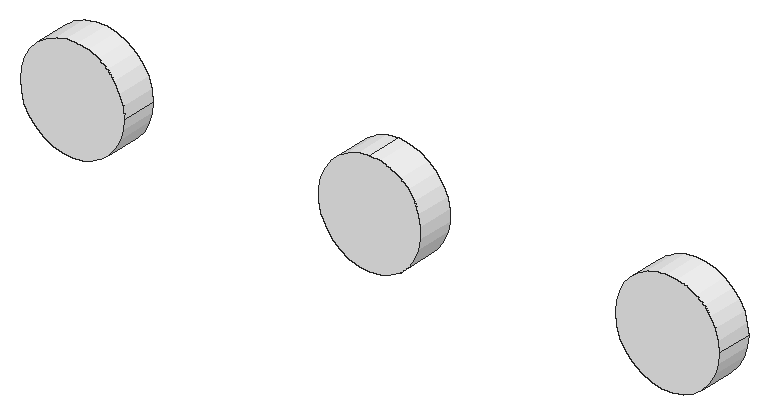
Revit family "Deca_Bidê com 3 furos_Living_B.34", category Plumbing Fixtures, host Face, Revit 2019
Family settings
  Host = Face
  Round Connector Dimension = Use Diameter
  Part Type = Normal
  Cut with Voids When Loaded = No
  Shared = No
  Room Calculation Point = No
Parameters (values of type "B.34.17_Branco")
  Vazão na Pressão mín. (L/min) = "-"
  Vazão na Pressão máx. (L/min) = "-"
  URL = "www.deca.com.br"
  Tipo de rosca de saída = "-"
  Tipo de rosca de entrada = "-"
  Tipo de mecanismo utilizado = "-"
  Tipo de dispositivo economizador = "-"
  Segmento = "Banheiro Médio"
  Saída de Esgoto = "Saída de Esgoto Vertical"
  Raio Água Quente = 7.50 mm
  Raio Água Fria = 7.50 mm
  Raio Ponto de Esgoto = 20.00 mm
  Pressão mín. funcionamento = "-"
  Pressão mín. Aquec. Passagem = "-"
  Pressão mín. Aquec. Acúmulo = "-"
  Pressão máx. funcionamento = "-"
  Peso Líquido (Kg) = 28.638
  Norma = "NBR-16728-1;NBR-16728-2"
  Model = "B.34.17"
  Material = Deca_Branco
  Manufacturer = "Deca"
  Linha = "Deca Living"
  Itens de Instalação = "1895.C14; 1895.C26; 1895.C33; 1895.C34; 1895.C35; 1895.C37; 1895.C38; 1895.C40.CR; 1895.C43; 1895.C50; 1895.C52; 1895.C64; 1895.C81; 1895.C84; 1895.C86; 1895.C87; 1895.C90; 1895.C94; SP.121.01"
  Informações Complementares = "-"
  Diâmetro Água Quente = 2 * Raio Água Quente  # 15.00 mm
  Diâmetro Água Fria = 2 * Raio Água Fria  # 15.00 mm
  Diâmetro Ponto de Esgoto = 2 * Raio Ponto de Esgoto  # 40.00 mm
  Description = "Bidê com 3 furos"
  Default Elevation = 0.00 mm
  Código Pai = "B.34"
  Criado por = "quattroD"
  Cores Componente = "Não Possui"
  Cor Secundária = "-"
  Cor Principal = "Branco"
  Cor Interna = "-"
  Consumo = "-"
  Composição Componente = "Não Possui"
  Composição Básica = "Argila, feldspato, caulim, vidrados e corantes inorgânicos."
  Composição Assento = "-"
  Composição Anel Vedação = "-"
  Categoria = "BACIAS E BIDES"
  Atendimento ao Cliente = "0800-0117073"
  Aprovado por = "quattroD"
  Acompanha o Produto = "-"
Types (2, lengths in mm): name | Model | Material | Cor Principal
  B.34.17_Branco | "B.34.17" | Deca_Branco | "Branco"
  B.34.95_Ébano | "B.34.95" | Deca_Ébano | "Ébano"
Reference planes
  plane 1 "Center (Front/Back)": y = 0
  plane 2: z = 0
  plane 3 "Center (Left/Right)": x = 0
  plane 4: y = 250
  plane 5: z = 330
Forms (mm)
  Extrusion 1, solid, material "Deca_Branco" <- "Material", not visible
    sketch origin (0, 0, 0) x (1, 0, 0) y (0, 1, 0)
      loop
        circle (-55, 250) r 7.95
      loop
        circle (55, 250) r 7.95
    from 0 to 1.105
  Extrusion 2, solid, material "Deca_Branco" <- "Material", not visible
    sketch origin (0, 0, 29.063) x (1, 0, 0) y (0, 0, 1)
      loop
        circle (0, 300) r 5
    from 0 to 0.881
  Extrusion 3, solid, material "Deca_Branco" <- "Material"
    sketch origin (0, 0, 0) x (1, 0, 0) y (0, 0, 1)
      loop
        circle (99.7, 164.307) r 17.5
      loop
        arc (0, 147.503) -> (17.2, 165) -> (0, 182.497) r 17.5
        arc (0, 182.497) -> (-17.2, 165) -> (0, 147.503) r 17.5
      loop
        circle (-99.7, 164.307) r 17.5
    from -400 to -388.108
Lines and regions (mm)
  Masking region 1
    outline origin (0, 0, 0) x (1, 0, 0) y (0, 1, 0)
      loop
        line (184.2, 400) -> (-184.2, 400) -> (-124.759, 200.197) -> (-127.571, 0) -> (127.572, 0) -> (124.759, 200.197) -> (184.2, 400)
  Masking region 2
    outline origin (0, 0, 0) x (1, 0, 0) y (0, 0, 1)
      loop
        line (-182.5, 572.004) -> (-182.5, 90) -> (182.5, 90) -> (182.5, 572.097)
        arc (182.5, 572.097) -> (162.264, 620.95) -> (113.411, 641.186) r 69.089
        arc (113.411, 641.186) -> (0, 645.006) -> (-113.411, 641.186) r 1685.245
        arc (-113.411, 641.186) -> (-162.297, 620.917) -> (-182.5, 572.004) r 69.089
  Masking region 3
    outline origin (0, 0, 0) x (0, 1, 0) y (0, 0, 1)
      loop
        line (399.96, 647.711) -> (213.384, 516.175)
        arc (213.384, 516.175) -> (202.269, 510.287) -> (190.032, 507.38) r 49.672
        line (190.032, 507.38) -> (-0.04, 510.698) -> (-0.04, 92.926) -> (399.96, 92.926) -> (399.96, 647.711)
  symbolic lines
    curve 1: line (-129.64, 216.605, 0) -> (129.64, 216.605, 0)
    curve 2: circle (99.7, 0, 164.307) r 17.5 normal (0, -1, 0)
    curve 3: arc (0, 0, 147.503) -> (17.2, 0, 165) -> (0, 0, 182.497) r 17.5
    curve 4: arc (0, 0, 182.497) -> (-17.2, 0, 165) -> (0, 0, 147.503) r 17.5
    curve 5: circle (-99.7, 0, 164.307) r 17.5 normal (0, -1, 0)
    curve 6: circle (0.731, 0, 328.962) r 22.982 normal (0, -1, 0)
    curve 7: circle (1.471, 0, 328.592) r 35 normal (0, -1, 0)
    curve 8: circle (0.361, 0, 445.554) r 14.059 normal (0, -1, 0)
    curve 9: arc (87.191, 0, 533.719) -> (0, 0, 541.483) -> (-87.191, 0, 533.719) r 493.447
    curve 10: line (120.428, 0, 443.942) -> (120.428, 0, 298.694)
    curve 11: line (-120.428, 0, 443.942) -> (-120.428, 0, 298.694)
    curve 12: arc (120.428, 0, 298.694) -> (112.561, 0, 279.702) -> (93.569, 0, 271.836) r 26.859
    curve 13: arc (-120.428, 0, 298.694) -> (-115.259, 0, 282.3) -> (-101.621, 0, 271.836) r 28.582
    curve 14: arc (93.569, 0, 271.836) -> (-4.026, 0, 265.301) -> (-101.621, 0, 271.836) r 732.107
    curve 15: arc (131.107, 0, 567.71) -> (125.171, 0, 585.537) -> (107.911, 0, 592.964) r 22.962
    curve 16: arc (-107.911, 0, 592.964) -> (-124.509, 0, 584.929) -> (-131.107, 0, 567.71) r 25.045
    curve 17: arc (131.356, 0, 287.991) -> (121.887, 0, 261.138) -> (96.695, 0, 247.866) r 39.024
    curve 18: arc (-105.674, 0, 250.271) -> (-122.534, 0, 262.451) -> (-130.417, 0, 281.7) r 37.864
    curve 19: line (131.356, 0, 287.991) -> (131.356, 0, 567.714)
    curve 20: line (107.911, 0, 592.964) -> (-107.911, 0, 592.964)
    curve 21: line (-131.107, 0, 567.71) -> (-130.417, 0, 281.7)
    curve 22: arc (96.695, 0, 247.866) -> (-4.564, 0, 242.821) -> (-105.674, 0, 250.271) r 822.595
    curve 23: line (0, 213.384, 516.175) -> (0, 213.384, 92.926)
  model lines
    curve 24: line (99.7, 400, 146.807) -> (99.7, 400, 181.807)
    curve 25: line (117.2, 400, 164.307) -> (82.2, 400, 164.307)
    curve 26: line (0, 400, 147.503) -> (0, 400, 182.497)
    curve 27: line (17.2, 400, 165) -> (-17.2, 400, 165)
    curve 28: line (-99.7, 400, 181.807) -> (-99.7, 400, 146.807)
    curve 29: line (-82.2, 400, 164.307) -> (-117.2, 400, 164.307)
Dimensions and locks
  aligned and locked: plane 2 to host face
  aligned and locked: level to host face
Connectors
  piping at (-55, 250, 1.105), diameter 15, driven by "Diâmetro Água Quente"
    settings: on Extrusion 1, index 1, connector inside diameter 609.6 mm, connector length 0.00 mm, flow factor 0, pipe flow 0.0 L/s, pressure drop 0.0 Pa, fitting loss kfactor 0, connector angle 0.00°, fixture units 0, engagement length 0.00 mm, angle of deflection 0.00°, flow configuration 3, flow direction 1, fitting loss method 4, system type 19, joint type 0, gender type 0, connector reference index -1, connector utility 0, adjustable connector no, is connector primary yes, connector description ""
  piping at (55, 250, 1.105), diameter 15, driven by "Diâmetro Água Fria"
    settings: on Extrusion 1, index 2, connector inside diameter 609.6 mm, connector length 0.00 mm, flow factor 0, pipe flow 0.0 L/s, pressure drop 0.0 Pa, fitting loss kfactor 0, connector angle 0.00°, fixture units 0, engagement length 0.00 mm, angle of deflection 0.00°, flow configuration 3, flow direction 1, fitting loss method 4, system type 20, joint type 0, gender type 0, connector reference index -1, connector utility 0, adjustable connector no, is connector primary no, connector description ""
  piping at (0, -0.881, 329.062), diameter 40, driven by "Diâmetro Ponto de Esgoto"
    settings: on Extrusion 2, index 3, connector inside diameter 609.6 mm, connector length 0.00 mm, flow factor 0, pipe flow 0.0 L/s, pressure drop 0.0 Pa, fitting loss kfactor 0, connector angle 0.00°, fixture units 0, engagement length 0.00 mm, angle of deflection 0.00°, flow configuration 3, flow direction 2, fitting loss method 4, system type 16, joint type 0, gender type 0, connector reference index -1, connector utility 0, adjustable connector no, is connector primary no, connector description ""
